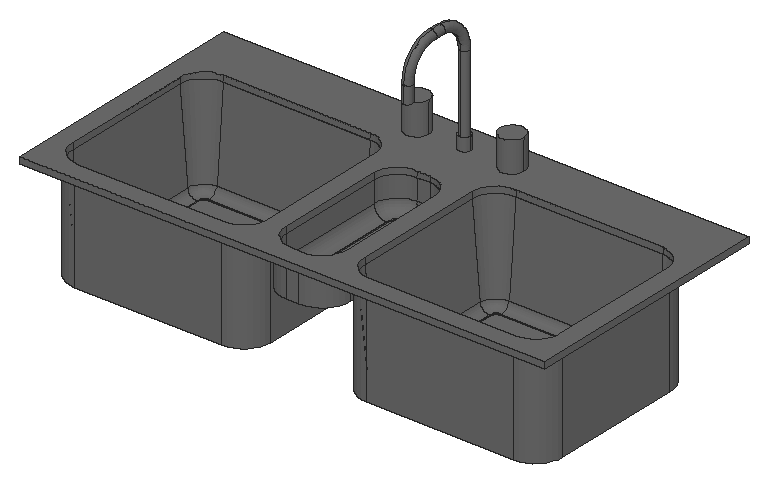
Revit family
Parameters (values of type "1100 x 535mm")
  Counter Height [instance] = 900.00 mm
  Depth = 535.00 mm
  Fixture Material = Metal - Steel, Polished
  Sink Material = Metal - Steel, Polished
  Width = 1100.00 mm
Reference planes
  plane 1 "Center (Front/Back)": y = -35.755
  plane 2: z = 0
  plane 3 "Center (Left/Right)": x = 15.689
  plane 4: y = 269.845
  plane 5: y = -265.155
  plane 6: x = -534.311
  plane 7: x = 565.689
  plane 8 "Top Of Counter": z = 900
  plane 9: z = 912.7
  plane 10: z = 684.1
  plane 11: y = 155.545
  plane 12: x = -496.211
  plane 13: y = -227.055
  plane 14: x = 527.589
  plane 15: x = -84.311
  plane 16: x = 115.689
  plane 17: y = 212.695
  plane 18: y = 212.695
  plane 19: y = 212.695
  plane 20: z = 1163.525
  plane 21: y = 63.47
  plane 22: z = 976.2
  plane 23: z = 938.1
  plane 24: x = -240.261
  plane 25: x = 271.639
  plane 26: x = -85.911
  plane 27: x = 117.289
  plane 28: x = -47.811
  plane 29: x = 79.189
  plane 30: y = 104.745
  plane 31: y = -86.555
  plane 32: z = 820.625
  plane 33: y = 53.945
Forms (mm)
  Extrusion 1, solid, material "Metal - Steel, Polished" <- "Sink Material"
    sketch origin (0, 0, 0) x (1, 0, 0) y (0, 1, 0)
      loop
        line (-534.311, 269.845) -> (-534.311, -265.155) -> (565.689, -265.155) -> (565.689, 269.845) -> (-534.311, 269.845)
      loop
        arc (-445.411, 155.545) -> (-481.332, 140.666) -> (-496.211, 104.745) r 50.8
        line (-496.211, 104.745) -> (-496.211, -176.255)
        arc (-496.211, -176.255) -> (-481.332, -212.176) -> (-445.411, -227.055) r 50.8
        line (-445.411, -227.055) -> (-136.711, -227.055)
        arc (-136.711, -227.055) -> (-100.79, -212.176) -> (-85.911, -176.255) r 50.8
        line (-85.911, -176.255) -> (-85.911, 104.745)
        arc (-85.911, 104.745) -> (-100.79, 140.666) -> (-136.711, 155.545) r 50.8
        line (-136.711, 155.545) -> (-445.411, 155.545)
      loop
        arc (476.789, -227.055) -> (512.71, -212.176) -> (527.589, -176.255) r 50.8
        line (527.589, -176.255) -> (527.589, 104.745)
        arc (527.589, 104.745) -> (512.71, 140.666) -> (476.789, 155.545) r 50.8
        line (476.789, 155.545) -> (168.089, 155.545)
        arc (168.089, 155.545) -> (132.168, 140.666) -> (117.289, 104.745) r 50.8
        line (117.289, 104.745) -> (117.289, -176.255)
        arc (117.289, -176.255) -> (132.168, -212.176) -> (168.089, -227.055) r 50.8
        line (168.089, -227.055) -> (476.789, -227.055)
      loop
        line (2.989, -227.055) -> (28.389, -227.055)
        arc (28.389, -227.055) -> (64.31, -212.176) -> (79.189, -176.255) r 50.8
        line (79.189, -176.255) -> (79.189, 53.945)
        arc (79.189, 53.945) -> (64.31, 89.866) -> (28.389, 104.745) r 50.8
        line (28.389, 104.745) -> (2.989, 104.745)
        arc (2.989, 104.745) -> (-32.932, 89.866) -> (-47.811, 53.945) r 50.8
        line (-47.811, 53.945) -> (-47.811, -176.255)
        arc (-47.811, -176.255) -> (-32.932, -212.176) -> (2.989, -227.055) r 50.8
    from 900 to 912.7
  Sweep 2, solid, material "Metal - Steel, Polished" <- "Sink Material"
    path origin (0, 0, 0) x (1, 0, 0) y (0, 1, 0)
      loop
        arc (-445.411, 155.545) -> (-481.332, 140.666) -> (-496.211, 104.745) r 50.8
        line (-496.211, 104.745) -> (-496.211, -176.255)
        arc (-496.211, -176.255) -> (-481.332, -212.176) -> (-445.411, -227.055) r 50.8
        line (-445.411, -227.055) -> (-136.711, -227.055)
        arc (-136.711, -227.055) -> (-100.79, -212.176) -> (-85.911, -176.255) r 50.8
        line (-85.911, -176.255) -> (-85.911, 104.745)
        arc (-85.911, 104.745) -> (-100.79, 140.666) -> (-136.711, 155.545) r 50.8
        line (-136.711, 155.545) -> (-445.411, 155.545)
    profile origin (-291.061, 0, 0) x (0, 1, 0) y (0, 0, 1)
      loop
        line (155.545, 900) -> (139.011, 711.015)
        arc (139.011, 711.015) -> (132.904, 698.63) -> (120.034, 693.625) r 19.05
        line (120.034, 693.625) -> (117.445, 693.625) -> (117.445, 684.1) -> (161.895, 684.1) -> (161.895, 900) -> (155.545, 900)
  Extrusion 3, solid, material "Metal - Steel, Polished" <- "Sink Material"
    sketch origin (0, 0, 0) x (1, 0, 0) y (0, 1, 0)
      loop
        arc (-445.411, 117.445) -> (-454.391, 113.726) -> (-458.111, 104.745) r 12.7
        line (-458.111, 104.745) -> (-458.111, -176.255)
        arc (-458.111, -176.255) -> (-454.391, -185.235) -> (-445.411, -188.955) r 12.7
        line (-445.411, -188.955) -> (-136.711, -188.955)
        arc (-136.711, -188.955) -> (-127.731, -185.235) -> (-124.011, -176.255) r 12.7
        line (-124.011, -176.255) -> (-124.011, 104.745)
        arc (-124.011, 104.745) -> (-127.731, 113.726) -> (-136.711, 117.445) r 12.7
        line (-136.711, 117.445) -> (-445.411, 117.445)
      loop
        circle (-240.261, -35.755) r 25.4
    from 684.1 to 693.625
  Extrusion 4, solid, material "Metal - Steel, Polished" <- "Fixture Material"
    sketch origin (0, 0, 0) x (1, 0, 0) y (0, 1, 0)
      loop
        circle (-84.311, 212.695) r 25.4
      loop
        circle (115.689, 212.695) r 25.4
    from 912.7 to 976.2
  Sweep 5, solid, material "Metal - Steel, Polished" <- "Fixture Material"
    path origin (15.689, 0, 0) x (0, 1, 0) y (0, 0, 1)
      loop
        line (212.695, 912.7) -> (212.695, 1100.025)
        arc (212.695, 1100.025) -> (194.097, 1144.926) -> (149.195, 1163.525) r 63.5
        line (149.195, 1163.525) -> (126.97, 1163.525)
        arc (126.97, 1163.525) -> (82.069, 1144.926) -> (63.47, 1100.025) r 63.5
        line (63.47, 1100.025) -> (63.47, 1065.1)
    profile origin (15.689, 0, 1006.363) x (0, -1, 0) y (1, 0, 0)
      loop
        circle (-212.695, 0) r 9.525
  Extrusion 6, solid, material "Metal - Steel, Polished" <- "Fixture Material"
    sketch origin (0, 0, 0) x (1, 0, 0) y (0, 1, 0)
      loop
        circle (15.689, 212.695) r 12.7
    from 912.7 to 938.1
  Sweep 7, solid, material "Metal - Steel, Polished" <- "Sink Material"
    path origin (31.378, 0, 0) x (-1, 0, 0) y (0, -1, 0)
      loop
        line (-445.411, -155.545) -> (-136.711, -155.545)
        arc (-136.711, -155.545) -> (-100.79, -140.666) -> (-85.911, -104.745) r 50.8
        line (-85.911, -104.745) -> (-85.911, 176.255)
        arc (-85.911, 176.255) -> (-100.79, 212.176) -> (-136.711, 227.055) r 50.8
        line (-136.711, 227.055) -> (-445.411, 227.055)
        arc (-445.411, 227.055) -> (-481.332, 212.176) -> (-496.211, 176.255) r 50.8
        line (-496.211, 176.255) -> (-496.211, -104.745)
        arc (-496.211, -104.745) -> (-481.332, -140.666) -> (-445.411, -155.545) r 50.8
    profile origin (322.439, 0, 0) x (0, -1, 0) y (0, 0, 1)
      loop
        line (-155.545, 900) -> (-161.895, 900) -> (-161.895, 684.1) -> (-117.445, 684.1) -> (-117.445, 693.625) -> (-120.034, 693.625)
        arc (-120.034, 693.625) -> (-132.904, 698.63) -> (-139.011, 711.015) r 19.05
        line (-139.011, 711.015) -> (-155.545, 900)
  Extrusion 8, solid, material "Metal - Steel, Polished" <- "Sink Material"
    sketch origin (31.378, 0, 0) x (-1, 0, 0) y (0, -1, 0)
      loop
        line (-447.999, -120.034) -> (-134.122, -120.034)
        arc (-134.122, -120.034) -> (-125.142, -116.314) -> (-121.422, -107.334) r 12.7
        line (-121.422, -107.334) -> (-121.422, 178.843)
        arc (-121.422, 178.843) -> (-125.142, 187.823) -> (-134.122, 191.543) r 12.7
        line (-134.122, 191.543) -> (-447.999, 191.543)
        arc (-447.999, 191.543) -> (-456.979, 187.823) -> (-460.699, 178.843) r 12.7
        line (-460.699, 178.843) -> (-460.699, -107.334)
        arc (-460.699, -107.334) -> (-456.979, -116.314) -> (-447.999, -120.034) r 12.7
      loop
        circle (-240.261, 35.755) r 25.4
    from 684.1 to 693.625
  Sweep 9, solid, material "Metal - Steel, Polished" <- "Sink Material"
    path origin (0, 0, 0) x (1, 0, 0) y (0, 1, 0)
      loop
        arc (2.989, 104.745) -> (-32.932, 89.866) -> (-47.811, 53.945) r 50.8
        line (-47.811, 53.945) -> (-47.811, -176.255)
        arc (-47.811, -176.255) -> (-32.932, -212.176) -> (2.989, -227.055) r 50.8
        line (2.989, -227.055) -> (28.389, -227.055)
        arc (28.389, -227.055) -> (64.31, -212.176) -> (79.189, -176.255) r 50.8
        line (79.189, -176.255) -> (79.189, 53.945)
        arc (79.189, 53.945) -> (64.31, 89.866) -> (28.389, 104.745) r 50.8
        line (28.389, 104.745) -> (2.989, 104.745)
    profile origin (15.689, 0, 0) x (0, 1, 0) y (0, 0, 1)
      loop
        line (104.745, 900) -> (104.745, 855.55)
        arc (104.745, 855.55) -> (97.306, 837.589) -> (79.345, 830.15) r 25.4
        line (79.345, 830.15) -> (76.17, 830.15) -> (76.17, 820.625) -> (114.27, 820.625) -> (114.27, 900) -> (104.745, 900)
  Extrusion 10, solid, material "Metal - Steel, Polished" <- "Sink Material"
    sketch origin (0, 0, 0) x (1, 0, 0) y (0, 1, 0)
      loop
        arc (6.164, 76.17) -> (-11.796, 68.731) -> (-19.236, 50.77) r 25.4
        line (-19.236, 50.77) -> (-19.236, -173.08)
        arc (-19.236, -173.08) -> (-11.796, -191.04) -> (6.164, -198.48) r 25.4
        line (6.164, -198.48) -> (25.214, -198.48)
        arc (25.214, -198.48) -> (43.175, -191.04) -> (50.614, -173.08) r 25.4
        line (50.614, -173.08) -> (50.614, 50.77)
        arc (50.614, 50.77) -> (43.175, 68.731) -> (25.214, 76.17) r 25.4
        line (25.214, 76.17) -> (6.164, 76.17)
      loop
        circle (15.689, -86.555) r 25.4
    from 820.625 to 830.15
Cuts and joins
  joined: Sweep 5, Extrusion 6
Lines and regions (mm)
  Masking region 1
    outline origin (0, 0, 900) x (0, -1, 0) y (1, 0, 0)
      loop
        line (-269.845, -534.311) -> (265.155, -534.311) -> (265.155, 565.689) -> (-269.845, 565.689) -> (-269.845, -534.311)
  symbolic lines
    curve 1: line (-496.211, 104.745, 900) -> (-496.211, -176.255, 900)
    curve 2: line (-445.411, -227.055, 900) -> (-136.711, -227.055, 900)
    curve 3: line (527.589, -176.255, 900) -> (527.589, 104.745, 900)
    curve 4: line (476.789, 155.545, 900) -> (168.089, 155.545, 900)
    curve 5: arc (527.589, 104.745, 900) -> (512.71, 140.666, 900) -> (476.789, 155.545, 900) r 50.8
    curve 6: arc (476.789, -227.055, 900) -> (512.71, -212.176, 900) -> (527.589, -176.255, 900) r 50.8
    curve 7: arc (-496.211, -176.255, 900) -> (-481.332, -212.176, 900) -> (-445.411, -227.055, 900) r 50.8
    curve 8: arc (-445.411, 155.545, 900) -> (-481.332, 140.666, 900) -> (-496.211, 104.745, 900) r 50.8
    curve 9: arc (28.389, 212.695, 900) -> (15.689, 225.395, 900) -> (2.989, 212.695, 900) r 12.7
    curve 10: line (2.989, 212.695, 900) -> (2.989, 15.845, 900)
    curve 11: line (28.389, 212.695, 900) -> (28.389, 15.845, 900)
    curve 12: arc (28.389, 15.845, 900) -> (15.689, 3.145, 900) -> (2.989, 15.845, 900) r 12.7
    curve 13: line (-85.911, 104.745, 900) -> (-85.911, -176.255, 900)
    curve 14: line (117.289, 104.745, 900) -> (117.289, -176.255, 900)
    curve 15: line (168.089, -227.055, 900) -> (476.789, -227.055, 900)
    curve 16: line (-136.711, 155.545, 900) -> (-445.411, 155.545, 900)
    curve 17: arc (168.089, 155.545, 900) -> (132.168, 140.666, 900) -> (117.289, 104.745, 900) r 50.8
    curve 18: arc (117.289, -176.255, 900) -> (132.168, -212.176, 900) -> (168.089, -227.055, 900) r 50.8
    curve 19: arc (-85.911, -176.255, 900) -> (-100.79, -212.176, 900) -> (-136.711, -227.055, 900) r 50.8
    curve 20: arc (-85.911, 104.745, 900) -> (-100.79, 140.666, 900) -> (-136.711, 155.545, 900) r 50.8
    curve 21: arc (-265.661, -35.755, 900) -> (-240.261, -10.355, 900) -> (-214.861, -35.755, 900) r 25.4
    curve 22: arc (-214.861, -35.755, 900) -> (-240.261, -61.155, 900) -> (-265.661, -35.755, 900) r 25.4
    curve 23: arc (246.239, -35.755, 900) -> (271.639, -10.355, 900) -> (297.039, -35.755, 900) r 25.4
    curve 24: arc (297.039, -35.755, 900) -> (271.639, -61.155, 900) -> (246.239, -35.755, 900) r 25.4
    curve 25: line (-47.811, -176.255, 900) -> (-47.811, 53.945, 900)
    curve 26: arc (-47.811, 53.945, 900) -> (-32.932, 89.866, 900) -> (2.989, 104.745, 900) r 50.8
    curve 27: line (79.189, 53.945, 900) -> (79.189, -176.255, 900)
    curve 28: arc (79.189, -176.255, 900) -> (64.31, -212.176, 900) -> (28.389, -227.055, 900) r 50.8
    curve 29: arc (2.989, -227.055, 900) -> (-32.932, -212.176, 900) -> (-47.811, -176.255, 900) r 50.8
    curve 30: line (28.389, -227.055, 900) -> (2.989, -227.055, 900)
    curve 31: arc (41.089, -86.555, 900) -> (15.689, -61.155, 900) -> (-9.711, -86.555, 900) r 25.4
    curve 32: arc (41.089, -86.555, 900) -> (15.689, -111.955, 900) -> (-9.711, -86.555, 900) r 25.4
    curve 33: arc (28.389, 104.745, 900) -> (64.31, 89.866, 900) -> (79.189, 53.945, 900) r 50.8
    curve 34: arc (-58.911, 212.695, 900) -> (-84.311, 238.095, 900) -> (-109.711, 212.695, 900) r 25.4
    curve 35: arc (-109.711, 212.695, 900) -> (-84.311, 187.295, 900) -> (-58.911, 212.695, 900) r 25.4
    curve 36: arc (141.089, 212.695, 900) -> (115.689, 238.095, 900) -> (90.289, 212.695, 900) r 25.4
    curve 37: arc (90.289, 212.695, 900) -> (115.689, 187.295, 900) -> (141.089, 212.695, 900) r 25.4
Dimensions and locks
  equal spacing: plane 6, plane 3 "Center (Left/Right)", plane 7
  "Width": plane 6 to plane 7
  "Depth": plane 5 to plane 4
  "Counter Height": plane 8 "Top Of Counter" to plane 2
  locked: plane 9 to plane 8 "Top Of Counter" at 12.7
  locked: plane 8 "Top Of Counter" to plane 10 at 215.9
  locked: plane 6 to plane 12 at 38.1
  locked: plane 14 to plane 7 at 38.1
  locked: plane 11 to plane 4 at 114.3
  locked: plane 5 to plane 13 at 38.1
  equal spacing: plane 11, plane 17, plane 4
  equal spacing: plane 11, plane 18, plane 4
  equal spacing: plane 4, plane 19, plane 11
  locked: plane 19 to plane 21 at 149.225
  locked: plane 20 to plane 9 at 250.825
  locked: plane 22 to plane 9 at 63.5
  locked: plane 23 to plane 9 at 25.4
  equal spacing: plane 13, plane 1 "Center (Front/Back)", plane 11
  plane 26 to plane 3 "Center (Left/Right)" to plane 27 = 101.60 mm, 101.60 mm
  plane 26 to plane 28 = 38.10 mm
  plane 29 to plane 27 = 38.10 mm
  locked: plane 30 to plane 11 at 50.8
  locked: plane 31 to plane 1 "Center (Front/Back)" at 50.8
  locked: plane 32 to plane 8 "Top Of Counter" at 79.375
  locked: plane 11 to plane 33 at 101.6
  equal spacing: plane 12, plane 24, plane 3 "Center (Left/Right)"
  equal spacing: plane 3 "Center (Left/Right)", plane 25, plane 14
  locked: plane 15 to plane 3 "Center (Left/Right)" at 100
  locked: plane 3 "Center (Left/Right)" to plane 16 at 100
  aligned and locked: Extrusion 1 sketch curve to plane 5
  aligned and locked: plane 7 to Extrusion 1 sketch curve
  aligned and locked: plane 4 to Extrusion 1 sketch curve
  aligned and locked: Extrusion 1 sketch curve to plane 6
  aligned and locked: plane 8 "Top Of Counter" to Extrusion 1
  aligned and locked: Extrusion 1 to plane 9
  aligned and locked: plane 11 to Extrusion 1 sketch curve
  aligned and locked: plane 14 to Extrusion 1 sketch curve
  aligned and locked: Extrusion 1 sketch curve to plane 12
  aligned and locked: Extrusion 1 sketch curve to plane 13
  aligned and locked: plane 11 to Sweep 2 sketch curve
  aligned and locked: Sweep 2 sketch curve to plane 12
  aligned and locked: Sweep 2 sketch curve to plane 13
  aligned and locked: Sweep 2 to Extrusion 3 sketch curve  (x4)
  aligned and locked: Sweep 2 to Extrusion 3
  aligned and locked: plane 10 to Extrusion 3
  aligned and locked: Sweep 2 sketch curve to plane 10
  aligned and locked: plane 8 "Top Of Counter" to Sweep 2 sketch curve
  aligned and locked: Extrusion 4 to Extrusion 1
  aligned and locked: Extrusion 6 to Extrusion 1
  aligned and locked: Sweep 5 sketch curve to plane 19
  aligned and locked: plane 20 to Sweep 5 sketch curve
  aligned and locked: plane 21 to Sweep 5 sketch curve
  aligned and locked: Extrusion 4 to plane 22
  aligned and locked: Extrusion 6 to plane 23
  aligned and locked: curve 21 to Extrusion 3
  aligned and locked: plane 26 to Extrusion 1 sketch curve
  aligned and locked: plane 27 to Extrusion 1 sketch curve
  aligned and locked: Sweep 2 sketch curve to Extrusion 1
  aligned and locked: Sweep 7 sketch curve to plane 11
  aligned and locked: Sweep 7 sketch curve to Extrusion 1
  aligned and locked: Sweep 7 sketch curve to plane 14
  aligned and locked: plane 13 to Sweep 7 sketch curve
  aligned and locked: Extrusion 8 sketch curve to Sweep 7  (x4)
  aligned and locked: Sweep 9 sketch curve to plane 13
  aligned and locked: Extrusion 1 to Sweep 9 sketch curve  (x2)
  aligned and locked: curve 13 to Sweep 9 sketch curve
  aligned and locked: Sweep 9 to Extrusion 10 sketch curve  (x3)
  aligned and locked: Extrusion 10 sketch curve to Sweep 9
  aligned and locked: Extrusion 10 to Sweep 9  (x2)
  aligned and locked: Sweep 7 sketch curve to plane 8 "Top Of Counter"
  aligned and locked: plane 10 to Sweep 7 sketch curve
  aligned and locked: Sweep 9 sketch curve to plane 8 "Top Of Counter"
  aligned and locked: Sweep 9 sketch curve to plane 32
  aligned and locked: Extrusion 8 to Sweep 7
  aligned and locked: plane 10 to Extrusion 8
  aligned and locked: Masking region 1 sketch curve to plane 6
  aligned and locked: plane 4 to Masking region 1 sketch curve
  aligned and locked: plane 7 to Masking region 1 sketch curve
  aligned and locked: Masking region 1 sketch curve to plane 5
  aligned and locked: plane 15 to Extrusion 4 sketch curve
  aligned and locked: plane 17 to Extrusion 4 sketch curve  (x2)
  aligned and locked: plane 16 to Extrusion 4 sketch curve
  aligned and locked: curve 34 to Extrusion 4
  aligned and locked: curve 36 to Extrusion 4
  aligned: curve 37 to Extrusion 4
Automatic sketch dimensions
  Sweep 2 sketch curve to profile plane = 0.00 mm
  profile plane to Sweep 2 sketch curve = 16.534 mm
  Sweep 2 sketch curve to Sweep 2 sketch curve = 18.978 mm
  Sweep 2 sketch curve to Sweep 2 sketch curve = 2.588 mm
  Sweep 2 sketch curve to profile plane = 6.35 mm
  Sweep 2 sketch curve to Sweep 2 sketch curve = 9.525 mm
  Sweep 2 sketch curve to Sweep 2 sketch curve = 17.39 mm
  plane 15 to Extrusion 4 sketch curve = 25.40 mm
  plane 16 to Extrusion 4 sketch curve = 25.40 mm
  Sweep 5 sketch curve to plane 3 "Center (Left/Right)" = 0.00 mm
  Sweep 5 sketch curve to profile plane = 0.00 mm
  profile plane to Sweep 5 sketch curve = 9.525 mm
  Extrusion 6 sketch curve to plane 18 = 0.00 mm
  Extrusion 6 sketch curve to plane 3 "Center (Left/Right)" = 0.00 mm
  Extrusion 6 sketch curve to plane 3 "Center (Left/Right)" = 12.70 mm
  Sweep 5 sketch curve to plane 9 = 0.00 mm
  Sweep 5 sketch curve to Sweep 5 sketch curve = 63.50 mm
  plane 11 to Sweep 5 sketch curve = 6.35 mm
  Sweep 5 sketch curve to Sweep 5 sketch curve = 34.925 mm
  Extrusion 3 sketch curve to plane 1 "Center (Front/Back)" = 0.00 mm
  Extrusion 3 sketch curve to plane 24 = 0.00 mm
  Extrusion 3 sketch curve to Extrusion 3 sketch curve = 12.70 mm  (x4)
  plane 24 to Extrusion 3 sketch curve = 25.40 mm
  Extrusion 1 sketch curve to plane 30 = 0.00 mm  (x5)
  Extrusion 1 sketch curve to plane 13 = 0.00 mm  (x2)
  Extrusion 1 sketch curve to plane 28 = 0.00 mm
  Extrusion 1 sketch curve to plane 29 = 0.00 mm
  Extrusion 1 sketch curve to plane 11 = 0.00 mm
  Extrusion 1 sketch curve to plane 12 = 50.80 mm
  Extrusion 1 sketch curve to Extrusion 1 sketch curve = 50.80 mm  (x2)
  Extrusion 1 sketch curve to plane 3 "Center (Left/Right)" = 12.70 mm  (x2)
  plane 3 "Center (Left/Right)" to Extrusion 1 sketch curve = 12.70 mm  (x2)
  plane 14 to Extrusion 1 sketch curve = 50.80 mm
  Sweep 2 sketch curve to plane 12 = 50.80 mm  (x2)
  plane 11 to Sweep 2 sketch curve = 50.80 mm
  Sweep 2 sketch curve to Sweep 2 sketch curve = 50.80 mm
  plane 14 to Sweep 7 sketch curve = 50.80 mm  (x2)
  Sweep 7 sketch curve to Sweep 7 sketch curve = 50.80 mm  (x2)
  Extrusion 8 sketch curve to plane 1 "Center (Front/Back)" = 0.00 mm
  Extrusion 8 sketch curve to plane 25 = 0.00 mm
  Extrusion 8 sketch curve to Extrusion 8 sketch curve = 12.70 mm  (x4)
  Extrusion 8 sketch curve to plane 25 = 25.40 mm
  Sweep 9 sketch curve to plane 3 "Center (Left/Right)" = 12.70 mm  (x2)
  plane 3 "Center (Left/Right)" to Sweep 9 sketch curve = 12.70 mm  (x2)
  Extrusion 10 sketch curve to plane 31 = 0.00 mm
  Extrusion 10 sketch curve to plane 3 "Center (Left/Right)" = 0.00 mm
  Extrusion 10 sketch curve to plane 3 "Center (Left/Right)" = 25.40 mm
  Extrusion 10 sketch curve to plane 3 "Center (Left/Right)" = 9.525 mm  (x2)
  plane 3 "Center (Left/Right)" to Extrusion 10 sketch curve = 9.525 mm  (x2)
  Sweep 7 sketch curve to profile plane = 0.00 mm
  profile plane to Sweep 7 sketch curve = 6.35 mm
  Sweep 7 sketch curve to profile plane = 16.534 mm
  Sweep 7 sketch curve to Sweep 7 sketch curve = 18.978 mm
  Sweep 7 sketch curve to Sweep 7 sketch curve = 2.588 mm
  Sweep 7 sketch curve to Sweep 7 sketch curve = 1.66 mm
  Sweep 7 sketch curve to Sweep 7 sketch curve = 26.915 mm
  Sweep 9 sketch curve to profile plane = 0.00 mm
  profile plane to Sweep 9 sketch curve = 25.40 mm
  Sweep 9 sketch curve to Sweep 9 sketch curve = 3.175 mm
  Sweep 9 sketch curve to profile plane = 9.525 mm
  plane 32 to Sweep 9 sketch curve = 9.525 mm
  curve 16 to plane 11 = 0.00 mm
  curve 17 to plane 11 = 0.00 mm
  curve 3 to plane 14 = 0.00 mm
  curve 1 to plane 12 = 0.00 mm
  curve 12 to plane 3 "Center (Left/Right)" = 0.00 mm
  curve 19 to plane 13 = 0.00 mm
  curve 18 to plane 13 = 0.00 mm
  plane 4 to curve 11 = 57.15 mm
  plane 11 to curve 5 = 50.80 mm
  plane 11 to curve 8 = 50.80 mm
  plane 11 to curve 13 = 50.80 mm
  plane 11 to curve 14 = 50.80 mm
  curve 11 to plane 33 = 38.10 mm
  curve 13 to plane 13 = 50.80 mm
  curve 1 to plane 13 = 50.80 mm
  curve 6 to plane 13 = 50.80 mm
  plane 3 "Center (Left/Right)" to curve 17 = 101.60 mm
  curve 26 to plane 33 = 0.00 mm
  curve 27 to plane 33 = 0.00 mm
  curve 23 to plane 1 "Center (Front/Back)" = 0.00 mm
  curve 32 to plane 3 "Center (Left/Right)" = 0.00 mm
  curve 29 to plane 13 = 0.00 mm
  curve 23 to plane 25 = 0.00 mm
  plane 3 "Center (Left/Right)" to curve 33 = 12.70 mm
  curve 33 to curve 26 = 0.00 mm
  plane 1 "Center (Front/Back)" to curve 32 = 50.80 mm
  curve 25 to curve 19 = 0.00 mm
  curve 27 to curve 18 = 0.00 mm
  plane 3 "Center (Left/Right)" to curve 28 = 12.70 mm
  curve 28 to curve 30 = 50.80 mm
  curve 32 to plane 3 "Center (Left/Right)" = 25.40 mm
  plane 25 to curve 24 = 25.40 mm
  curve 16 to curve 34 = 27.00 mm
